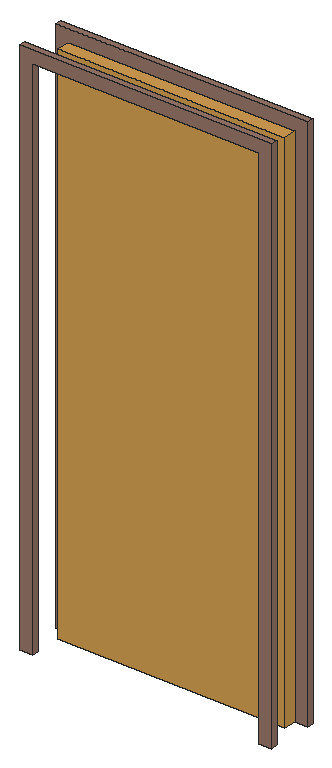
Revit family "A_Door_Single Panel w Clearance", category Doors, host Wall, Revit 2020
Family settings
  Host = Wall
  OmniClass Number = 23.30.10.00
  OmniClass Title = Doors
  Always vertical = Yes
  Cut with Voids When Loaded = No
  Shared = No
  Room Calculation Point = No
Parameters (values of type "900Wx2100H")
  Visual Light Transmittance = 0
  Thickness = 50 mm
  Thermal Resistance (R) = 0.455703 (m²·K)/W
  Swing Angle [instance] = 90.00°
  Solar Heat Gain Coefficient = 0
  Define Thermal Properties by = Schematic Type
  Construction Type Id = "DOOR"
  Heat Transfer Coefficient (U) = 2.19465 W/(m²·K)
  Function = Interior
  Clearance = CLEARANCE
  Assembly Code = "C1020300"
  Panel_Material = Wood - Birch - Solid Stained Light Low Gloss
  Frame_Material = Paint - Sienna
  Height = 2100 mm
  Trim Projection Ext = 25 mm
  Trim Projection Int = 25 mm
  Trim Width = 50 mm
  Wall Closure = By host
  Width = 900 mm
  Analytic Construction = "Wooden"
Reference planes
  plane 1 "Center(Front/Back)": y = 0
  plane 2: z = 0
  plane 3 "Center (Left/Right)": x = 0
  plane 4 "Left": x = -450
  plane 5 "Right": x = 450
  plane 6 "Top": z = 2100
  plane 7: y = 76.2
Forms (mm)
  Extrusion 1, solid, material "Wood - Birch - Solid Stained Light Low Gloss" <- "Panel_Material"
    sketch origin (0, 0, 0) x (1, 0, 0) y (0, 0, 1)
      loop
        line (-450, 2100) -> (-450, 0) -> (450, 0) -> (450, 2100) -> (-450, 2100)
    from -76.2 to -26.2
  Extrusion 2, solid, material "Paint - Sienna" <- "Frame_Material", detail levels fine
    sketch origin (-1524, -76.2, 0) x (1, 0, 0) y (0, 0, 1)
      loop
        line (1024, 2150) -> (1024, 0) -> (1074, 0) -> (1074, 2100) -> (1974, 2100) -> (1974, 0) -> (2024, 0) -> (2024, 2150) -> (1024, 2150)
    from 0 to 25
  Extrusion 3, solid, material "Paint - Sienna" <- "Frame_Material", detail levels fine
    sketch origin (-1524, 76.2, 0) x (-1, 0, 0) y (0, 0, 1)
      loop
        line (-2024, 2150) -> (-2024, 0) -> (-1974, 0) -> (-1974, 2100) -> (-1074, 2100) -> (-1074, 0) -> (-1024, 0) -> (-1024, 2150) -> (-2024, 2150)
    from 0 to 25
Lines and regions (mm)
  Opening 1
    outline origin (-1524, -76.2, 3657.6) x (0, 0, -1) y (1, 0, 0)
      loop
        line (1557.6, 1074) -> (3657.6, 1074) -> (3657.6, 1974) -> (1557.6, 1974) -> (1557.6, 1074)
  symbolic lines, style "Elevation Swing"
    curve 1: line (-450, 0, 2100) -> (450, 0, 1050)
    curve 2: line (-450, 0, 0) -> (450, 0, 1050)
Dimensions and locks
  equal spacing: plane 4 "Left", plane 3 "Center (Left/Right)", plane 5 "Right"
  "Width": plane 4 "Left" to plane 5 "Right"
  "Height": plane 6 "Top" to plane 2
  "Trim Projection Ext": Extrusion 3 to host wall
  "Trim Projection Int": Extrusion 2 to host wall
  "Thickness": Extrusion 1 to host wall
  equal spacing: plane 6 "Top", curve 2, level
  "Trim Width": Extrusion 2 to nested 2
  "Trim Width": Extrusion 2 to Extrusion 1
  "Trim Width": Extrusion 1 to Extrusion 2
  "Trim Width": Extrusion 3 to Extrusion 1  (x3)
  aligned and locked: host wall to Extrusion 1
  aligned and locked: Extrusion 2 to Extrusion 3 sketch curve
  aligned and locked: Extrusion 3 sketch curve to Extrusion 2  (x2)
  aligned and locked: plane 7 to host wall
  aligned and locked: plane 7 to Extrusion 1
  aligned and locked: nested 1 to plane 7
  aligned and locked: nested 1 to plane 5 "Right"
  aligned and locked: nested 2 to plane 7
  aligned and locked: nested 2 to plane 5 "Right"
  aligned and locked: plane 6 "Top" to Extrusion 3 sketch curve
  aligned and locked: Extrusion 3 sketch curve to plane 5 "Right"
  aligned and locked: Extrusion 3 sketch curve to plane 4 "Left"
  aligned and locked: plane 4 "Left" to Extrusion 2 sketch curve
  aligned and locked: plane 6 "Top" to Extrusion 2 sketch curve
  aligned and locked: Extrusion 2 sketch curve to plane 5 "Right"
Automatic sketch dimensions
  Opening 1 sketch curve to plane 6 "Top" = 0 mm
  Opening 1 sketch curve to level = 0 mm
  Opening 1 sketch curve to plane 4 "Left" = 0 mm
  Opening 1 sketch curve to plane 5 "Right" = 0 mm
  Extrusion 1 sketch curve to plane 4 "Left" = 0 mm
  Extrusion 1 sketch curve to plane 5 "Right" = 0 mm
  Extrusion 1 sketch curve to level = 0 mm
  Extrusion 1 sketch curve to plane 6 "Top" = 0 mm
  Extrusion 2 sketch curve to level = 0 mm  (x2)
  Extrusion 3 sketch curve to level = 0 mm  (x2)
  curve 1 to plane 4 "Left" = 0 mm
  curve 1 to plane 6 "Top" = 0 mm
  curve 2 to plane 5 "Right" = 0 mm
  curve 2 to level = 0 mm
  curve 2 to plane 4 "Left" = 0 mm
  plane 4 "Left" to Extrusion 2 sketch curve = 50 mm
  Extrusion 2 sketch curve to Extrusion 2 sketch curve = 50 mm
  Extrusion 2 sketch curve to plane 6 "Top" = 50 mm
Nested families
  nested 1: "Door_Swing_Single 2D" at (450, 76.2, 0), Swing Angle <- "Swing Angle", type "Door_Swing_Single 2D"
    with Swing Visible yes, Swing Angle 90.00°, Actual Angle 90.00°, Thickness 50 mm
  nested 2: "Door_Clearance" at (450, 76.2, 0), Swing Door <- "Swing Angle", Clearance <- "Clearance", Width <- "Width", Height <- "Height", type "Clearance", detail levels coarse
    with Width 900 mm, Swing Door 90.00°, Height 2100 mm, Clearance CLEARANCE
Definition of nested family "Door_Clearance"
  Parameters (values of type "Clearance")
    Width [instance] = 1200 mm
    Swing Door [instance] = 45.00°
    Height [instance] = 1620 mm
    Default Elevation = 0 mm
    Clearance [instance] = none
  Reference planes
    plane 1 "Center (Front/Back)": y = 0
    plane 2: z = 0
    plane 3 "Center (Left/Right)": x = 0
    plane 4: x = -1200
    plane 5: z = 1620
  Forms (mm)
    Extrusion 1, solid, material <- "Clearance"
      sketch origin (0, 0, 0) x (1, 0, 0) y (0, 1, 0)
        loop
          line (0, 0) -> (-848.528, 848.528)
          arc (-848.528, 848.528) -> (-1108.655, 459.22) -> (-1200, 0) r 1200
          line (-1200, 0) -> (0, 0)
      from 0 to 1620
  Lines and regions (mm)
    reference lines
      curve 1: line (0, 0, 0) -> (-1018.234, 1018.234, 0)
  Dimensions and locks
    "Width": plane 4 to plane 3 "Center (Left/Right)"
    "Height": plane 5 to plane 2
    "Width": radius of Extrusion 1 sketch curve
    "Swing Door": angle curve 1 to plane 1 "Center (Front/Back)"
    aligned and locked: level to plane 2
    aligned and locked: plane 3 "Center (Left/Right)" to curve 1
    aligned and locked: plane 1 "Center (Front/Back)" to curve 1
    aligned and locked: Extrusion 1 sketch curve to plane 1 "Center (Front/Back)"
    aligned and locked: Extrusion 1 sketch curve to curve 1
    aligned and locked: Extrusion 1 to plane 2
    aligned and locked: plane 5 to Extrusion 1
  Automatic sketch dimensions
    Extrusion 1 sketch curve to plane 4 = 0 mm
Definition of nested family "Door_Swing_Single 2D"
  Parameters (values of type "Single")
    Width = 900 mm
    Thickness = 45 mm
    Swing Visible [instance] = Swing Angle > 1.00°  # yes
    Swing Angle [instance] = 45.00°
    Assembly Code = ""
    Analytic Construction = "<None>"
    Actual Angle [instance] = if(Swing Angle < 1.00°, 1.00°, Swing Angle)  # 45.00°
  Reference planes
    plane 1 "Center (Front/Back)": y = 0
    plane 2: z = 0
    plane 3 "Center (Left/Right)": x = 0
    plane 4: x = -900
  Lines and regions (mm)
    Masking region 1
      outline origin (0, 0, 0) x (-0.707107, 0.707107, 0) y (-0.707107, -0.707107, 0)
        loop
          line (0, 0) -> (900, 0) -> (900, 45) -> (0, 45) -> (0, 0)
    symbolic lines
      curve 1: line (0, 0, 0) -> (-900, 0, 0)
    symbolic lines, visible <- "Swing Visible"
      curve 2: arc (-900, 0, 0) -> (-831.492, 344.415, 0) -> (-636.396, 636.396, 0) r 900
    reference lines
      curve 3: line (0, 0, 0) -> (-636.396, 636.396, 0)
    model lines
      curve 4: line (0, 0, 0) -> (0, 0, 25.4)
  Dimensions and locks
    "Width": plane 4 to plane 3 "Center (Left/Right)"
    locked: curve 2 to plane 3 "Center (Left/Right)"
    locked: curve 2 to plane 1 "Center (Front/Back)"
    "Width": curve 3 to curve 3
    "Thickness": Masking region 1 sketch curve to Masking region 1 sketch curve
    locked: curve 4 to plane 2 at 25.4
    "Width": radius of curve 2
    "Actual Angle": angle curve 2 to curve 2
    "Swing Angle": angle curve 3 to plane 1 "Center (Front/Back)"
    aligned and locked: curve 1 to plane 1 "Center (Front/Back)"
    aligned and locked: plane 3 "Center (Left/Right)" to curve 1
    aligned and locked: plane 3 "Center (Left/Right)" to curve 3
    aligned and locked: plane 1 "Center (Front/Back)" to curve 3
    aligned and locked: curve 3 to Masking region 1 sketch curve
    aligned and locked: Masking region 1 sketch curve to curve 3  (x2)
    aligned and locked: plane 3 "Center (Left/Right)" to curve 4
    aligned and locked: plane 2 to curve 4
